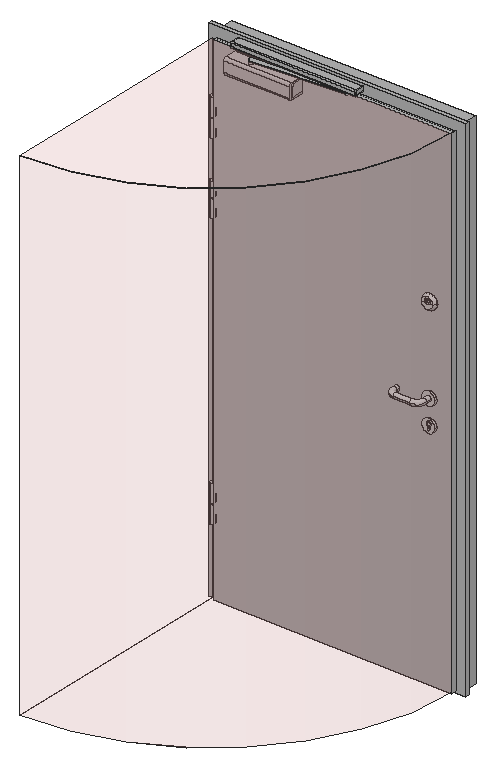
Revit family "ASSA ABLOY - DL1.3 DRAGON, single-leaf, angular frame", category Doors, host Wall, Revit 2021
Family settings
  Host = Wall
  OmniClass Number = 23.30.10.00
  OmniClass Title = Doors
  Always vertical = Yes
  Cut with Voids When Loaded = No
  Shared = No
  Room Calculation Point = No
Parameters (values of type "900 x 2000 (901 x 2000)")
  URL = "https://www.assaabloy.com/pl/pl"
  Type Comments = "Door leaf made of two pressed zinc-plated steel sheets 1,0mm thick. Reinforced with \"C\" profiles and filled with mineral wool. Door with 4-sided thick rebate with gasket."
  Symbol Radius = Door Leaf Width + 11.000 mm  # 979.500 mm
  Rough Width Conversion = 89.500 mm  # constant formula
  Rough Width Adjustment = 0.000 mm  # constant formula
  Rough Height Real = Height Round + Rough Height Conversion + Rough Height Adjustment  # 2070.000 mm
  Rough Height Conversion = 70.000 mm  # constant formula
  Rough Height Adjustment = 0.000 mm  # constant formula
  Rosette Height = Handle set Height - 100.000 mm  # 955.000 mm
  Opening Zone [instance] = yes
  Model = "Doorset_Steel Security Door, RC3, Rw(dB)= 46_ASSA ABLOY Opening Solutions_Hardware 3D"
  Lock Visibility = Height > 1400.000 mm  # yes
  Hinges Visibility = Height > 1000.000 mm  # yes
  Hinges Material = Default steel
  Handle set Height = if(Height < 1800.000 mm, Height / 2, 1055.000 mm)  # 1055.000 mm
  Handle Height = if(Height < 1300.000 mm, Height - 280.000 mm, 1055.000 mm)  # 1055.000 mm
  HW Item 9 = "1x MT22(Bizon): defender_LOB ASSA ABLOY"
  HW Item 8 = "1x TL0151BS: round rosette PZPZ, stainless steel_ASSA ABLOY"
  HW Item 11 = "1x Planet HS FH+RD: drop-down seal_Planet (option)"
  HW Item 10 = "1x 206253: Vercy door stopper, max 120 kg_ASSA ABLOY (option) "
  Frame Finish [instance] = ""
  Fire Rating = "NFR"  # constant formula
  Door Finish Push Side [instance] = ""
  Door Finish Pull Side [instance] = ""
  Width Round = roundup((Width / 5.000 mm)) * 5.000 mm  # 900.000 mm
  Thickness = 60.000 mm  # constant formula
  Smoke Rating = "S (optional)"
  Rough Width = Width Round + Rough Width Conversion + Rough Width Adjustment + 0.500 mm  # 990.000 mm
  Rough Height = Height Round + Rough Height Conversion + Rough Height Adjustment  # 2070.000 mm
  Readme = "The actual lintel height is consistent with the Rough Height parameter.\nThe final HW Set should be consistent with the function of the door and its  parameters.\nHardware mounted on door surface may affect the clear passage opening. For verification, please contact the specification department.\nFor the corner door frame installed in a steel structure and plasterboard walls, add 3 cm per each leaf to the width of the Rough Width opening. \r\nIn case of door width less than 500mm, door closer type should me confirmed with Provider."
  Provider = "ASSA ABLOY Opening Solutions"
  Product Group = "Single-Steel"
  Name = "Steel Security Door, RC3, Rw(dB)= 46"
  Min Door Width = 450.000 mm
  Min Door Height = 1450.000 mm
  Mechanical Strength = 4
  Max Door Width = 1270.000 mm
  Max Door Height = 2770.000 mm
  Manufacturer = "ASSA ABLOY"  # constant formula
  IfcExportType = "USERDEFINED"
  IfcExportAs = "IfcDoorType"
  Rough Width Real = Width Round + Rough Width Conversion + Rough Width Adjustment  # 989.500 mm
  Height Round = roundup((Height / 5.000 mm)) * 5.000 mm  # 2000.000 mm
  Hardware Set = "1.4PL"
  HW Item 7 = "1x TL4106SS: U-shape handle set on round rosette, class 4 (EN1906), stainless steel_ASSA ABLOY"
  HW Item 6 = "1x SK6 Radius: euro profile cylinder_IKON"
  HW Item 5 = "1x EL166: multipoint mechanical mortice lockcase with automatic dead locking system_ABLOY"
  HW Item 4 = "1x A152: mechanical hold open_ASSA ABLOY (option)"
  HW Item 3 = "1x A153: mechanical opening damper_ASSA ABLOY (option)"
  HW Item 2 = "1x G195: door closer guide rail_ASSA ABLOY"
  HW Item 1 = "1x DC700/ DC500: door closer, Cam-Motion®_ASSA ABLOY"
  Function = Interior
  Height = 2000.000 mm
  Wall Closure = By host
  Width = 900.000 mm
  Frame Type = "Welded steel corner frame made of zinc-plated steel sheet 3mm thick with EPDM gasket."
  Frame Material = Default steel
  Family name = "1.4_DOORSET_DL 1.3 DRAGON_SINGLE-LEAF_CORNER FRAME_ASSA ABLOY PL"
  Environmental Product Declaration (EPD) = "To be confirmed with Provider"  # constant formula
  Environmental Management System = "To be confirmed with Provider"  # constant formula
  Edition number = "1"
  Door Type = "DL1.3 DRAGON"
  Door Material = Default steel
  Door Leaf Width = Width Round + Rough Width Adjustment + 68.500 mm  # 968.500 mm
  Description = "DL1.3 DRAGON, door leaf made of two pressed zinc-plated steel sheets 1,0mm thick. Reinforced with \"C\" profiles and filled with mineral wool. Door with 4-sided thick rebate with gasket. Operating forces – class 3 according to EN 12217:2005. Mechanical strength – class 4 according to EN 1192:2001. Thermal transmittance Uw=1,3W/m²K according to EN ISO 10077-1:2007. Burglary resistance – class RC3 according to EN 1627:2012. Acoustic rating - Rw=46dB according to PN-EN ISO 717-1:2013-08. Hinges with ball bearings, main lock: multipoint class 4 according to EN 12209, three anti-burglary bolts. Welded steel corner frame made of zinc-plated steel sheet 3mm thick with EPDM gasket. 20mm fixed threshold. Optional: low threshold or drop-down seal."
  Defender Height = Handle set Height + 350.000 mm  # 1405.000 mm
  Date of publishing = ""
  Contact Provider = "https://www.assaabloy.com/pl/pl/solutions/topics/bim-specification/contact"
  Brand = "Donimet Bis Sp. z o. o."  # constant formula
  Author = "www.archispace.pl"
Types (3, lengths in mm): name | Symbol Radius | Rough Height Real | Rosette Height | Handle set Height | Width Round | Rough Width | Rough Height | Readme | Rough Width Real | Height Round | Height | Width | Door Leaf Width | Defender Height
  450 x 1450 (451 x 1450) | 529.500 | 1520.000 | 625.000 | 725.000 | 450.000 | 540.000 | 1520.000 | "The actual lintel height is consistent with the Rough Height parameter.\nThe final HW Set should be consistent with the function of the door and its  parameters.\nHardware mounted on door surface may affect the clear passage opening. For verification, please contact the specification department.\nFor the corner door frame installed in a steel structure and plasterboard walls, add 3 cm per each leaf to the width of the Rough Width opening." | 539.500 | 1450.000 | 1450.000 | 450.000 | 518.500 | 1075.000
  900 x 2000 (901 x 2000) | 979.500 | 2070.000 | 955.000 | 1055.000 | 900.000 | 990.000 | 2070.000 | "The actual lintel height is consistent with the Rough Height parameter.\nThe final HW Set should be consistent with the function of the door and its  parameters.\nHardware mounted on door surface may affect the clear passage opening. For verification, please contact the specification department.\nFor the corner door frame installed in a steel structure and plasterboard walls, add 3 cm per each leaf to the width of the Rough Width opening. \r\nIn case of door width less than 500mm, door closer type should me confirmed with Provider." | 989.500 | 2000.000 | 2000.000 | 900.000 | 968.500 | 1405.000
  1270 x 2770 (1271 x 2770) | 1349.500 | 2840.000 | 955.000 | 1055.000 | 1270.000 | 1360.000 | 2840.000 | "The actual lintel height is consistent with the Rough Height parameter.\nThe final HW Set should be consistent with the function of the door and its  parameters.\nHardware mounted on door surface may affect the clear passage opening. For verification, please contact the specification department.\nFor the corner door frame installed in a steel structure and plasterboard walls, add 3 cm per each leaf to the width of the Rough Width opening." | 1359.500 | 2770.000 | 2770.000 | 1270.000 | 1338.500 | 1405.000
Reference planes
  plane 1: y = 0
  plane 2 "Center (Left/Right)": x = 0
  plane 3: z = 2070
  plane 4 "Exterior": y = 120
  plane 5 "Interior": y = -120
  plane 6: x = -494.75
  plane 7: x = 494.75
  plane 8: z = 2000
  plane 9: y = -73
  plane 10: y = -136
  plane 11: z = 9.5
  plane 12: z = 26
  plane 13: z = 2115
  plane 14: y = -51
  plane 15: y = -73.8
  plane 16: y = -139
  plane 17: x = -495
  plane 18: x = 495
  plane 19: y = -157
  plane 20: x = -480.5
  plane 21: x = -467.75
  plane 22: x = 467.75
  plane 23: z = 2048.5
  plane 24: y = -97
  plane 25: y = -147
  plane 26: x = -445.25
  plane 27: x = 454.75
  plane 28: x = -495.25
  plane 29: z = 2032
  plane 30: x = 394.75
  plane 31: z = 1837
  plane 32: z = 1767
  plane 33: z = 1760.5
  plane 34: z = 1690.5
  plane 35: z = 1530
  plane 36: z = 1475
  plane 37: z = 1468.5
  plane 38: z = 1398.5
  plane 39: z = 429
  plane 40: z = 359
  plane 41: z = 352.5
  plane 42: z = 282.5
  plane 43: z = 2040.5
  plane 44: x = -395.25
  plane 45: z = 1055
Forms (mm)
  Sweep 1, solid, material "Default steel" <- "Frame Material"
    path origin (0, -120, 0) x (1, 0, 0) y (0, 0, 1)
      loop
        line (-494.75, 0) -> (-494.75, 2070) -> (494.75, 2070) -> (494.75, 0)
    profile origin (-494.75, -120, 1035) x (-1, 0, 0) y (0, -1, 0)
      loop
        line (28, 0) -> (28, 16) -> (-22, 16) -> (-22, -30) -> (-40, -30) -> (-40, -69) -> (0, -69) -> (0, 0) -> (28, 0)
  Sweep 2, solid, material "Default steel" <- "Frame Material"
    path origin (-5000, -120, 0) x (1, 0, 0) y (0, 0, 1)
      loop
        line (4527.25, 0) -> (5472.75, 0)
    profile origin (0, -120, 0) x (0, 0, 1) y (0, -1, 0)
      loop
        line (0, 16) -> (0, -69) -> (20, -69) -> (20, 16) -> (0, 16)
  Sweep 3, solid, material "Opening zone", visible <- "Opening Zone"
    path origin (-5400.703, 0, 0) x (-1, 0, 0) y (0, 0, 1)
      loop
        line (-5400.703, 9.5) -> (-5400.703, 2048.5)
    profile origin (0, 0, 1029) x (1, 0, 0) y (0, 1, 0)
      loop
        line (-495.25, -147) -> (-495.25, -1126.5)
        arc (-495.25, -1126.5) -> (197.361, -839.611) -> (484.25, -147) r 979.5
        line (484.25, -147) -> (-495.25, -147)
  Sweep 4, solid, material "Default steel" <- "Frame Material"
    path origin (0, -120, 0) x (1, 0, 0) y (0, 0, 1)
      loop
        line (-494.75, 2070) -> (494.75, 2070)
    profile origin (0, -120, 2070) x (0, 0, 1) y (0, -1, 0)
      loop
        line (-22, 16) -> (-32, 16) -> (-32, -30) -> (-22, -30) -> (-22, 16)
      loop
        line (-50, -69) -> (-40, -69) -> (-40, -30) -> (-50, -30) -> (-50, -69)
  Sweep 5, solid, material "Default steel" <- "Door Material"
    path origin (0, 120, 0) x (1, 0, 0) y (0, 0, 1)
      loop
        line (0, 26) -> (0, 2032)
    profile origin (0, 120, 1029) x (-1, 0, 0) y (0, -1, 0)
      loop
        line (467.75, 259) -> (-467.75, 259) -> (-467.75, 217) -> (467.75, 217) -> (467.75, 259)
  Sweep 6, solid, material "Default steel" <- "Door Material"
    path origin (0, 115, 0) x (1, 0, 0) y (0, 0, 1)
      loop
        line (0, 9.5) -> (0, 2048.5)
    profile origin (0, 115, 1029) x (-1, 0, 0) y (0, -1, 0)
      loop
        line (484.25, 272) -> (-484.25, 272) -> (-484.25, 254) -> (484.25, 254) -> (484.25, 272)
  Sweep 7, void
    path origin (0, -120, 0) x (1, 0, 0) y (0, 0, 1)
      loop
        line (-522.75, 2070) -> (522.75, 2070)
    profile origin (0, -120, 2070) x (0, 0, 1) y (0, -1, 0)
      loop
        line (18, 0) -> (28, 0) -> (28, 16) -> (18, 16) -> (18, 0)
  Sweep 8, solid, material "Default steel" <- "Hinges Material", detail levels fine
    path origin (-282.5, -147, 1200) x (1, 0, 0) y (0, 0, 1)
      loop
        line (-212.75, 637) -> (-212.75, 567)
    profile origin (-495.25, -147, 1802) x (0, -1, 0) y (1, 0, 0)
      loop
        circle (0, 0) r 11
  Sweep 9, solid, material "Default steel" <- "Hinges Material", detail levels fine
    path origin (-282.5, -147, 1200) x (1, 0, 0) y (0, 0, 1)
      loop
        line (-212.75, 560.5) -> (-212.75, 490.5)
    profile origin (-495.25, -147, 1725.5) x (0, -1, 0) y (1, 0, 0)
      loop
        circle (0, 0) r 11
  Sweep 10, solid, material "Default steel" <- "Hinges Material", detail levels fine
    path origin (-282.5, -147, 1200) x (1, 0, 0) y (0, 0, 1)
      loop
        line (-212.75, 567) -> (-212.75, 560.5)
    profile origin (-495.25, -147, 1763.75) x (0, -1, 0) y (1, 0, 0)
      loop
        circle (0, 0) r 10.5
  Sweep 11, solid, material "Default steel" <- "Hinges Material", visible <- "Hinges Visibility", detail levels fine
    path origin (-282.5, -147, 1200) x (1, 0, 0) y (0, 0, 1)
      loop
        line (-212.75, 330) -> (-212.75, 275)
    profile origin (-495.25, -147, 1502.5) x (0, -1, 0) y (1, 0, 0)
      loop
        circle (0, 0) r 11
  Sweep 12, solid, material "Default steel" <- "Hinges Material", visible <- "Hinges Visibility", detail levels fine
    path origin (-282.5, -147, 1200) x (1, 0, 0) y (0, 0, 1)
      loop
        line (-212.75, 268.5) -> (-212.75, 198.5)
    profile origin (-495.25, -147, 1433.5) x (0, -1, 0) y (1, 0, 0)
      loop
        circle (0, 0) r 11
  Sweep 13, solid, material "Default steel" <- "Hinges Material", visible <- "Hinges Visibility", detail levels fine
    path origin (-282.5, -147, 1200) x (1, 0, 0) y (0, 0, 1)
      loop
        line (-212.75, 275) -> (-212.75, 268.5)
    profile origin (-495.25, -147, 1471.75) x (0, -1, 0) y (1, 0, 0)
      loop
        circle (0, 0) r 10.5
  Sweep 14, solid, material "Default steel" <- "Hinges Material", detail levels fine
    path origin (-282.5, -147, 1200) x (1, 0, 0) y (0, 0, 1)
      loop
        line (-212.75, -771) -> (-212.75, -841)
    profile origin (-495.25, -147, 394) x (0, -1, 0) y (1, 0, 0)
      loop
        circle (0, 0) r 11
  Sweep 15, solid, material "Default steel" <- "Hinges Material", detail levels fine
    path origin (-282.5, -147, 1200) x (1, 0, 0) y (0, 0, 1)
      loop
        line (-212.75, -847.5) -> (-212.75, -917.5)
    profile origin (-495.25, -147, 317.5) x (0, -1, 0) y (1, 0, 0)
      loop
        circle (0, 0) r 11
  Sweep 16, solid, material "Default steel" <- "Hinges Material", detail levels fine
    path origin (-282.5, -147, 1200) x (1, 0, 0) y (0, 0, 1)
      loop
        line (-212.75, -841) -> (-212.75, -847.5)
    profile origin (-495.25, -147, 355.75) x (0, -1, 0) y (1, 0, 0)
      loop
        circle (0, 0) r 10.5
Cuts and joins
  Sweep 7 cuts Sweep 1
  joined: Sweep 1, Sweep 2, Sweep 4
Lines and regions (mm)
  Opening 1
    outline origin (-3050, -120, 0) x (1, 0, 0) y (0, 0, 1)
      loop
        line (2555, 0) -> (3545, 0) -> (3545, 2070) -> (2555, 2070) -> (2555, 0)
  Masking region 1, detail levels fine
    outline origin (-1132.682, -300, 2037) x (-1, 0, 0) y (0, -1, 0)
      loop
        line (-637.932, -249) -> (-637.932, -180) -> (-609.932, -180) -> (-609.932, -164) -> (-659.932, -164) -> (-659.932, -210) -> (-677.932, -210) -> (-677.932, -249) -> (-637.932, -249)
      loop
        line (-1655.432, -164) -> (-1655.432, -180) -> (-1627.432, -180) -> (-1627.432, -249) -> (-1587.432, -249) -> (-1587.432, -210) -> (-1605.432, -210) -> (-1605.432, -164) -> (-1655.432, -164)
  Masking region 2, detail levels medium
    outline origin (-1132.682, -300, 2037) x (-1, 0, 0) y (0, -1, 0)
      loop
        line (-637.932, -249) -> (-637.932, -180) -> (-609.932, -180) -> (-609.932, -164) -> (-677.932, -164) -> (-677.932, -249) -> (-637.932, -249)
      loop
        line (-1627.432, -249) -> (-1587.432, -249) -> (-1587.432, -164) -> (-1655.432, -164) -> (-1655.432, -180) -> (-1627.432, -180) -> (-1627.432, -249)
  Masking region 3, detail levels fine
    outline origin (-1132.682, -300, 2037) x (-1, 0, 0) y (0, -1, 0)
      loop
        circle (-637.432, -153) r 11
  symbolic lines, style "Elevation Swing"
    curve 1: line (454.75, -120, 1035) -> (-467.75, -120, 2032)
    curve 2: line (454.75, -120, 1035) -> (-467.75, -120, 9.5)
Text (mm)
  text "Exterior" at (-1376.75, 1099.543, 0), in view "Ref. Level"
  text "Exterior" at (0, 1615.38, 3698.081), in view "Left"
  text "Exterior" at (0, 1036.032, 3874.932), in view "Right"
Dimensions and locks
  "Rough Height": plane 3 to host wall
  equal spacing: host wall, curve 2, plane 3
  host wall to plane 3 = 2070.000 mm
  locked: plane 4 "Exterior" to host wall
  locked: plane 5 "Interior" to host wall
  equal spacing: plane 6, plane 2 "Center (Left/Right)", plane 7
  "Rough Width Real": plane 6 to plane 7
  "Height": plane 8 to level
  plane 11 to level = 9.500 mm
  locked: plane 12 to level at 26
  plane 9 to plane 5 "Interior" to plane 10 = 47.000 mm locked, 16.000 mm locked
  locked: plane 5 "Interior" to plane 14 at 69
  locked: plane 9 to plane 15 at 0.8
  locked: Masking region 1 sketch curve to plane 14 at 39
  locked: plane 7 to Masking region 2 sketch curve at 28
  equal spacing: plane 17, plane 2 "Center (Left/Right)", plane 18
  "Rough Width": plane 17 to plane 18
  locked: plane 5 "Interior" to plane 16 at 19
  locked: plane 10 to plane 19 at 21
  locked: plane 17 to plane 20 at 14.5
  locked: Masking region 2 sketch curve to plane 7 at 40
  nested 1 to Masking region 1 = 900.000 mm
  locked: Masking region 1 sketch curve to Masking region 1 sketch curve at 40  (x2)
  locked: Masking region 1 sketch curve to Masking region 1 sketch curve at 22
  locked: Masking region 1 sketch curve to Masking region 1 sketch curve at 16
  locked: Masking region 1 sketch curve to Masking region 1 sketch curve at 28
  Masking region 1 sketch curve to Masking region 1 sketch curve = 39.000 mm
  locked: Masking region 1 sketch curve to plane 7 at 22
  locked: plane 7 to Masking region 1 sketch curve at 28
  Masking region 1 sketch curve to Masking region 1 sketch curve = 16.000 mm
  locked: Sweep 2 sketch curve to plane 16 at 3
  locked: Sweep 2 sketch curve to Sweep 2 sketch curve at 85
  plane 12 to level = 26.000 mm
  locked: plane 11 to level at 9.5
  locked: plane 23 to plane 3 at 21.5
  plane 14 to plane 19 = 106.000 mm
  locked: Masking region 2 sketch curve to Masking region 2 sketch curve at 40
  locked: Masking region 2 sketch curve to Masking region 2 sketch curve at 28
  locked: plane 25 to plane 10 at 11
  locked: plane 6 to plane 21 at 27
  locked: plane 6 to plane 26 at 49.5
  locked: plane 22 to plane 7 at 27
  locked: plane 27 to plane 7 at 40
  locked: plane 5 "Interior" to plane 24 at 23
  locked: plane 28 to plane 6 at 0.5
  locked: Sweep 6 sketch curve to plane 21 at 16.5
  locked: plane 22 to Sweep 6 sketch curve at 16.5
  locked: plane 29 to plane 3 at 38
  locked: plane 30 to plane 7 at 100
  locked: plane 31 to plane 32 at 70
  locked: plane 33 to plane 34 at 70
  locked: plane 32 to plane 33 at 6.5
  locked: plane 37 to plane 38 at 70
  locked: plane 36 to plane 37 at 6.5
  locked: plane 35 to plane 36 at 55
  locked: plane 34 to plane 35 at 160.5
  locked: plane 41 to plane 42 at 70
  locked: plane 40 to plane 41 at 6.5
  locked: plane 39 to plane 40 at 70
  locked: plane 42 to level at 282.5
  locked: plane 23 to plane 31 at 211.5
  locked: plane 23 to plane 43 at 8
  locked: plane 44 to plane 28 at 100
  "Handle Height": plane 45 to level
  locked: plane 45 to nested 4 at 100
  locked: plane 45 to nested 5 at 350
  "Symbol Radius": radius of Sweep 3 sketch curve
  aligned and locked: Opening 1 sketch curve to level
  aligned and locked: plane 1 to host wall
  aligned and locked: level to Sweep 1 sketch curve  (x2)
  aligned and locked: Sweep 1 sketch curve to plane 6
  aligned and locked: plane 7 to Sweep 1 sketch curve
  aligned and locked: Sweep 2 sketch curve to level
  aligned and locked: plane 5 "Interior" to Masking region 1 sketch curve
  aligned and locked: Masking region 1 sketch curve to plane 5 "Interior"
  aligned and locked: plane 10 to Masking region 2 sketch curve
  aligned and locked: plane 14 to Masking region 2 sketch curve
  aligned and locked: plane 5 "Interior" to Masking region 2 sketch curve
  aligned and locked: Masking region 2 sketch curve to plane 7
  aligned and locked: Masking region 2 sketch curve to plane 5 "Interior"
  aligned and locked: Masking region 2 sketch curve to plane 14
  aligned and locked: Masking region 2 sketch curve to plane 10
  aligned and locked: plane 17 to Opening 1 sketch curve
  aligned and locked: plane 18 to Opening 1 sketch curve
  aligned and locked: Sweep 1 sketch curve to plane 14
  aligned and locked: Sweep 1 sketch curve to Masking region 1  (x2)
  aligned and locked: Masking region 1 to Sweep 1 sketch curve  (x2)
  aligned and locked: Masking region 1 sketch curve to Masking region 1 sketch curve
  aligned and locked: Sweep 2 sketch curve to cut or joined group of Sweep 1, Sweep 2, Sweep 4, Sweep 7
  aligned and locked: cut or joined group of Sweep 1, Sweep 2, Sweep 4, Sweep 7 to Sweep 2 sketch curve
  aligned and locked: Sweep 1 sketch curve to plane 3
  aligned and locked: plane 3 to Sweep 4 sketch curve
  aligned and locked: plane 2 "Center (Left/Right)" to Sweep 5 sketch curve
  aligned and locked: plane 12 to Sweep 5 sketch curve
  aligned and locked: Masking region 2 sketch curve to plane 6
  aligned and locked: Masking region 1 sketch curve to plane 6
  aligned and locked: Masking region 1 sketch curve to plane 7
  aligned and locked: profile plane to Sweep 1 sketch curve
  aligned and locked: Sweep 3 sketch curve to plane 25
  aligned and locked: plane 21 to Sweep 5 sketch curve
  aligned and locked: Sweep 5 sketch curve to plane 22
  aligned and locked: Sweep 5 sketch curve to plane 24
  aligned and locked: plane 16 to Sweep 5 sketch curve
  aligned and locked: plane 28 to Masking region 3 sketch curve
  aligned and locked: Masking region 3 sketch curve to plane 25
  aligned and locked: plane 19 to Sweep 6 sketch curve
  aligned and locked: plane 11 to Sweep 6 sketch curve
  aligned and locked: plane 23 to Sweep 6 sketch curve
  aligned and locked: plane 29 to Sweep 5 sketch curve
  aligned and locked: plane 3 to Sweep 7 sketch curve
  aligned and locked: cut or joined group of Sweep 1, Sweep 2, Sweep 4, Sweep 7 to Sweep 7 sketch curve  (x2)
  aligned and locked: plane 2 "Center (Left/Right)" to Sweep 3 sketch curve
  aligned and locked: plane 23 to Sweep 3 sketch curve
  aligned and locked: plane 11 to Sweep 3 sketch curve
  aligned and locked: nested 1 to plane 2 "Center (Left/Right)"
  aligned and locked: plane 5 "Interior" to nested 1
  aligned and locked: plane 28 to Sweep 3 sketch curve
  aligned and locked: Sweep 3 sketch curve to plane 28
  aligned and locked: plane 21 to curve 1
  aligned and locked: plane 29 to curve 1
  aligned and locked: plane 27 to curve 2
  aligned and locked: plane 21 to curve 2
  aligned and locked: plane 11 to curve 2
  aligned and locked: nested 2 to plane 30
  aligned and locked: nested 2 to plane 19
  aligned and locked: plane 31 to Sweep 8 sketch curve
  aligned and locked: plane 32 to Sweep 8 sketch curve
  aligned and locked: plane 33 to Sweep 9 sketch curve
  aligned and locked: plane 34 to Sweep 9 sketch curve
  aligned and locked: plane 32 to Sweep 10 sketch curve
  aligned and locked: plane 33 to Sweep 10 sketch curve
  aligned and locked: plane 37 to Sweep 12 sketch curve
  aligned and locked: plane 38 to Sweep 12 sketch curve
  aligned and locked: plane 36 to Sweep 13 sketch curve
  aligned and locked: plane 37 to Sweep 13 sketch curve
  aligned and locked: plane 36 to Sweep 11 sketch curve
  aligned and locked: plane 35 to Sweep 11 sketch curve
  aligned and locked: plane 39 to Sweep 14 sketch curve
  aligned and locked: plane 40 to Sweep 14 sketch curve
  aligned and locked: plane 40 to Sweep 16 sketch curve
  aligned and locked: plane 41 to Sweep 16 sketch curve
  aligned and locked: plane 41 to Sweep 15 sketch curve
  aligned and locked: plane 42 to Sweep 15 sketch curve
  aligned and locked: nested 3 to plane 43
  aligned and locked: plane 44 to nested 3
  aligned and locked: nested 3 to plane 19
  aligned and locked: nested 4 to plane 30
  aligned and locked: nested 4 to plane 19
  aligned and locked: nested 2 to plane 45
  aligned and locked: nested 5 to plane 19
  aligned and locked: nested 5 to plane 30
Automatic sketch dimensions
  Opening 1 sketch curve to plane 3 = 0.000 mm
  plane 5 "Interior" to Sweep 1 sketch curve = 0.000 mm
  plane 5 "Interior" to Sweep 1 sketch curve = 16.000 mm
  profile plane to Sweep 2 sketch curve = 0.000 mm
  Sweep 2 sketch curve to Sweep 2 sketch curve = 20.000 mm
  plane 14 to Masking region 1 sketch curve = 0.000 mm
  plane 6 to Sweep 4 sketch curve = 0.000 mm
  plane 7 to Sweep 4 sketch curve = 0.000 mm
  Sweep 6 sketch curve to Sweep 6 sketch curve = 18.000 mm
  Sweep 6 sketch curve to plane 2 "Center (Left/Right)" = 0.000 mm
  Sweep 7 sketch curve to profile plane = 18.000 mm
  Sweep 7 sketch curve to Sweep 7 sketch curve = 10.000 mm
  plane 5 "Interior" to Sweep 7 sketch curve = 0.000 mm
  Sweep 7 sketch curve to Sweep 7 sketch curve = 16.000 mm
  profile plane to Sweep 4 sketch curve = 50.000 mm
  Sweep 4 sketch curve to Sweep 4 sketch curve = 10.000 mm  (x2)
  plane 5 "Interior" to Sweep 4 sketch curve = 16.000 mm
  profile plane to Sweep 4 sketch curve = 32.000 mm
  Sweep 4 sketch curve to plane 5 "Interior" = 30.000 mm
  Sweep 4 sketch curve to Sweep 4 sketch curve = 0.000 mm
  Sweep 4 sketch curve to Sweep 4 sketch curve = 39.000 mm
  Sweep 8 sketch curve to profile plane = 0.000 mm  (x2)
  Sweep 9 sketch curve to profile plane = 0.000 mm  (x2)
  Sweep 10 sketch curve to profile plane = 0.000 mm  (x2)
  Sweep 11 sketch curve to profile plane = 0.000 mm  (x2)
  Sweep 12 sketch curve to profile plane = 0.000 mm  (x2)
  Sweep 13 sketch curve to profile plane = 0.000 mm  (x2)
  Sweep 14 sketch curve to profile plane = 0.000 mm  (x2)
  Sweep 15 sketch curve to profile plane = 0.000 mm  (x2)
  Sweep 16 sketch curve to profile plane = 0.000 mm  (x2)
  Sweep 8 sketch curve to plane 28 = 0.000 mm
  Sweep 10 sketch curve to plane 28 = 0.000 mm
  Sweep 9 sketch curve to plane 28 = 0.000 mm
  Sweep 11 sketch curve to plane 28 = 0.000 mm
  Sweep 13 sketch curve to plane 28 = 0.000 mm
  Sweep 12 sketch curve to plane 28 = 0.000 mm
  Sweep 14 sketch curve to plane 28 = 0.000 mm
  Sweep 16 sketch curve to plane 28 = 0.000 mm
  Sweep 15 sketch curve to plane 28 = 0.000 mm
  radius of Masking region 3 sketch curve = 11.000 mm
  radius of Sweep 8 sketch curve = 11.000 mm
  radius of Sweep 9 sketch curve = 11.000 mm
  radius of Sweep 10 sketch curve = 10.500 mm
  radius of Sweep 11 sketch curve = 11.000 mm
  radius of Sweep 12 sketch curve = 11.000 mm
  radius of Sweep 13 sketch curve = 10.500 mm
  radius of Sweep 14 sketch curve = 11.000 mm
  radius of Sweep 15 sketch curve = 11.000 mm
  radius of Sweep 16 sketch curve = 10.500 mm
Nested families
  nested 1: "Detail_Door symbol" at (0, -120, 2037), type "Detail_Door symbol"
  nested 2: "TL4106SS U-shape handle set on round rosette, class 4 (EN1906), stainless steel_ASSA ABLOY" at (394.75, -157, 1055), built-in parameter 1001364 <- "Handle set Height", type "TL4106SS U-shape handle set on round rosette, class 4 (EN1906), stainless steel_ASSA ABLOY", detail levels fine
    with Thickness 60.000 mm
  nested 3: "DC700 DC500 Door closer, Cam-Motion_ASSA ABLOY" at (-261.25, -157, 2008.5), type "DC700 DC500 Door closer, Cam-Motion_ASSA ABLOY", detail levels fine
    with Thickness 79.000 mm, Door Closer Gap Thickness 21.000 mm
  nested 4: "TL0151BS round rosette PZPZ, stainless steel_ASSA ABLOY" at (394.75, -157, 955), built-in parameter 1001364 <- "Rosette Height", type "TL0151BS round rosette PZPZ, stainless steel_ASSA ABLOY", detail levels fine
  nested 5: "MT22 Bizon defender_ASSA ABLOY" at (394.75, -157, 1405), built-in parameter 1001364 <- "Defender Height", visible <- "Lock Visibility", type "MT22 Bizon defender_ASSA ABLOY", detail levels fine
    with Thickness 60.000 mm
Definition of nested family "TL4106SS U-shape handle set on round rosette, class 4 (EN1906), stainless steel_ASSA ABLOY"
  Parameters (values of type "TL4106SS U-shape handle set on round rosette, class 4 (EN1906), stainless steel_ASSA ABLOY")
    Thickness = 61.000 mm
    Default Elevation = 0.000 mm
  Reference planes
    plane 1 "Center (Front/Back)": y = 0
    plane 2: z = 0
    plane 3 "Center (Left/Right)": x = 0
    plane 4: z = 0
    plane 5: y = 61
    plane 6: y = -8
    plane 7: y = 69
    plane 8: x = -121
    plane 9: y = -57.5
    plane 10: y = 118.5
    plane 11: y = -17
    plane 12: y = 78
  Forms (mm)
    Sweep 1, solid
      path origin (0, 0, 0) x (1, 0, 0) y (0, 1, 0)
        loop
          line (0, 0) -> (0, -8)
      profile origin (0, -4, 0) x (1, 0, 0) y (0, 0, 1)
        loop
          circle (0, 0) r 26.5
    Sweep 2, solid
      path origin (0, 70, 0) x (1, 0, 0) y (0, 1, 0)
        loop
          line (0, -9) -> (0, -1)
      profile origin (0, 65, 0) x (-1, 0, 0) y (0, 0, 1)
        loop
          circle (0, 0) r 26.5
    Sweep 3, solid
      path origin (0, 0, 0) x (1, 0, 0) y (0, 1, 0)
        loop
          line (0, -8) -> (0, -30.5)
          arc (0, -30.5) -> (-7.908, -49.592) -> (-27, -57.5) r 27
          line (-27, -57.5) -> (-94, -57.5)
          arc (-94, -57.5) -> (-113.092, -49.592) -> (-121, -30.5) r 27
          line (-121, -30.5) -> (-121, -17)
      profile origin (0, -19.25, 0) x (1, 0, 0) y (0, 0, 1)
        loop
          circle (0, 0) r 10
    Sweep 4, solid
      path origin (0, 86.5, 0) x (1, 0, 0) y (0, 1, 0)
        loop
          line (0, -17.5) -> (0, 5)
          arc (0, 5) -> (-7.908, 24.092) -> (-27, 32) r 27
          line (-27, 32) -> (-94, 32)
          arc (-94, 32) -> (-113.092, 24.092) -> (-121, 5) r 27
          line (-121, 5) -> (-121, -8.5)
      profile origin (0, 80.25, 0) x (-1, 0, 0) y (0, 0, 1)
        loop
          circle (0, 0) r 10
  Cuts and joins
    joined: Sweep 1, Sweep 3
  Dimensions and locks
    locked: plane 7 to plane 5 at 8
    locked: plane 6 to plane 1 "Center (Front/Back)" at 8
    locked: plane 9 to plane 1 "Center (Front/Back)" at 57.5
    plane 10 to plane 5 = 57.500 mm
    locked: plane 8 to plane 3 "Center (Left/Right)" at 121
    "Thickness": plane 1 "Center (Front/Back)" to plane 5
    locked: plane 11 to plane 9 at 40.5
    locked: plane 10 to plane 12 at 40.5
    aligned and locked: level to plane 2
    aligned and locked: plane 6 to Sweep 3 sketch curve
    aligned and locked: Sweep 3 sketch curve to plane 3 "Center (Left/Right)"
    aligned and locked: plane 9 to Sweep 3 sketch curve
    aligned and locked: plane 8 to Sweep 3 sketch curve
    aligned and locked: plane 11 to Sweep 3 sketch curve
    aligned and locked: Sweep 4 sketch curve to plane 8
    aligned and locked: plane 10 to Sweep 4 sketch curve
    aligned and locked: plane 3 "Center (Left/Right)" to Sweep 4 sketch curve
    aligned and locked: plane 7 to Sweep 4 sketch curve
    aligned and locked: plane 12 to Sweep 4 sketch curve
  Automatic sketch dimensions
    Sweep 1 sketch curve to plane 3 "Center (Left/Right)" = 0.000 mm
    Sweep 1 sketch curve to plane 6 = 0.000 mm
    plane 1 "Center (Front/Back)" to Sweep 1 sketch curve = 0.000 mm
    Sweep 1 sketch curve to level = 0.000 mm
    profile plane to Sweep 1 sketch curve = 0.000 mm
    Sweep 2 sketch curve to plane 3 "Center (Left/Right)" = 0.000 mm
    Sweep 2 sketch curve to plane 5 = 0.000 mm
    Sweep 2 sketch curve to plane 7 = 0.000 mm
    Sweep 2 sketch curve to level = 0.000 mm
    Sweep 2 sketch curve to profile plane = 0.000 mm
    plane 8 to Sweep 3 sketch curve = 27.000 mm
    Sweep 3 sketch curve to plane 11 = 13.500 mm
    Sweep 3 sketch curve to level = 0.000 mm
    profile plane to Sweep 3 sketch curve = 0.000 mm
    plane 8 to Sweep 4 sketch curve = 27.000 mm
    Sweep 4 sketch curve to plane 10 = 27.000 mm
    Sweep 4 sketch curve to level = 0.000 mm
    Sweep 4 sketch curve to profile plane = 0.000 mm
    radius of Sweep 1 sketch curve = 26.500 mm
    radius of Sweep 2 sketch curve = 26.500 mm
    radius of Sweep 3 sketch curve = 10.000 mm
    radius of Sweep 4 sketch curve = 10.000 mm
Definition of nested family "DC700 DC500 Door closer, Cam-Motion_ASSA ABLOY"
  Parameters (values of type "DC700 DC500 Door closer, Cam-Motion_ASSA ABLOY")
    Thickness = 16.800 mm
    Door Closer Gap Thickness = 50.000 mm
    Default Elevation = 0.000 mm
  Reference planes
    plane 1 "Center (Front/Back)": y = 0
    plane 2: z = 0
    plane 3 "Center (Left/Right)": x = 0
    plane 4: z = 0
    plane 5: x = -134
    plane 6: x = 134
    plane 7: x = -136
    plane 8: x = 136
    plane 9: x = -138
    plane 10: x = 366
    plane 11: z = 48.2
    plane 12: z = 71.2
    plane 13: z = 32
    plane 14: x = -138.8
    plane 15: x = 136.8
    plane 16: x = -46
    plane 17: z = 40.5
    plane 18: x = 321.5
    plane 19: z = 45.5
    plane 20: y = 23.2
    plane 21: y = 50
    plane 22: y = -30
  Forms (mm)
    Sweep 1, solid
      path origin (0, 0, 0) x (1, 0, 0) y (0, 1, 0)
        loop
          line (-134, 0) -> (134, 0)
      profile origin (0, 0, 0) x (0, 1, 0) y (0, 0, 1)
        loop
          line (0, 32) -> (-48, 32)
          arc (-48, 32) -> (-55.071, 29.071) -> (-58, 22) r 10
          line (-58, 22) -> (-58, -22)
          arc (-58, -22) -> (-55.071, -29.071) -> (-48, -32) r 10
          line (-48, -32) -> (0, -32) -> (0, 32)
    SweptBlend 2, solid
      path origin (0, 0, 0) x (1, 0, 0) y (0, 1, 0)
        loop
          line (-134, 0) -> (-136, 0)
      profile origin (-134, 0, 0) x (0, -1, 0) y (0, 0, 1)
        loop
          line (0, 30) -> (0, -30) -> (46.25, -30)
          arc (46.25, -30) -> (52.879, -27.254) -> (55.625, -20.625) r 9.375
          line (55.625, -20.625) -> (55.625, 20.625)
          arc (55.625, 20.625) -> (52.879, 27.254) -> (46.25, 30) r 9.375
          line (46.25, 30) -> (0, 30)
      end profile origin (-136, 0, 0) x (0, -1, 0) y (0, 0, 1)
        loop
          line (0, 23.25) -> (0, -23.25) -> (41.469, -23.25)
          arc (41.469, -23.25) -> (46.606, -21.122) -> (48.734, -15.984) r 7.266
          line (48.734, -15.984) -> (48.734, 15.984)
          arc (48.734, 15.984) -> (46.606, 21.122) -> (41.469, 23.25) r 7.266
          line (41.469, 23.25) -> (0, 23.25)
    SweptBlend 3, solid
      path origin (0, 0, 0) x (-1, 0, 0) y (0, -1, 0)
        loop
          line (-134, 0) -> (-136, 0)
      profile origin (134, 0, 0) x (0, 1, 0) y (0, 0, 1)
        loop
          line (0, 30) -> (-46.25, 30)
          arc (-46.25, 30) -> (-52.879, 27.254) -> (-55.625, 20.625) r 9.375
          line (-55.625, 20.625) -> (-55.625, -20.625)
          arc (-55.625, -20.625) -> (-52.879, -27.254) -> (-46.25, -30) r 9.375
          line (-46.25, -30) -> (0, -30) -> (0, 30)
      end profile origin (136, 0, 0) x (0, 1, 0) y (0, 0, 1)
        loop
          line (0, 23.25) -> (-41.469, 23.25)
          arc (-41.469, 23.25) -> (-46.606, 21.122) -> (-48.734, 15.984) r 7.266
          line (-48.734, 15.984) -> (-48.734, -15.984)
          arc (-48.734, -15.984) -> (-46.606, -21.122) -> (-41.469, -23.25) r 7.266
          line (-41.469, -23.25) -> (0, -23.25) -> (0, 23.25)
    Sweep 4, solid
      path origin (0, 0, 0) x (1, 0, 0) y (0, 0, 1)
        loop
          line (-46, 32) -> (-46, 40.5)
      profile origin (-46, 0, 36.25) x (-1, 0, 0) y (0, -1, 0)
        loop
          circle (0, 30) r 9
    Extrusion 5, solid
      sketch origin (0, -0.8, 0) x (1, 0, 0) y (0, 1, 0)
        loop
          circle (321.5, 24) r 9
      from 45.5 to 48.2
    Sweep 6, solid
      path origin (0, 0, 0) x (1, 0, 0) y (0, 1, 0)
        loop
          line (-138, 50) -> (366, 50)
      profile origin (114, 50, 0) x (0, 1, 0) y (0, 0, 1)
        loop
          line (0, 48.2) -> (0, 71.2) -> (-35, 71.2)
          arc (-35, 71.2) -> (-37.828, 70.028) -> (-39, 67.2) r 4
          line (-39, 67.2) -> (-39, 52.2)
          arc (-39, 52.2) -> (-37.828, 49.372) -> (-35, 48.2) r 4
          line (-35, 48.2) -> (0, 48.2)
    SweptBlend 7, solid
      path origin (0, 0, 0) x (1, 0, 0) y (0, 1, 0)
        loop
          line (-138.8, 50) -> (-138, 50)
      profile origin (-138.8, 50, 0) x (0, 1, 0) y (0, 0, 1)
        loop
          line (0, 51.5) -> (0, 67.9) -> (-31.7, 67.9)
          arc (-31.7, 67.9) -> (-32.195, 67.695) -> (-32.4, 67.2) r 0.7
          line (-32.4, 67.2) -> (-32.4, 52.2)
          arc (-32.4, 52.2) -> (-32.195, 51.705) -> (-31.7, 51.5) r 0.7
          line (-31.7, 51.5) -> (0, 51.5)
      end profile origin (-138, 50, 0) x (0, 1, 0) y (0, 0, 1)
        loop
          arc (-33.9, 70.1) -> (-36.728, 68.928) -> (-37.9, 66.1) r 4
          line (-37.9, 66.1) -> (-37.9, 53.3)
          arc (-37.9, 53.3) -> (-36.728, 50.472) -> (-33.9, 49.3) r 4
          line (-33.9, 49.3) -> (0, 49.3) -> (0, 70.1) -> (-33.9, 70.1)
    SweptBlend 8, solid
      path origin (0, 0, 0) x (-1, 0, 0) y (0, -1, 0)
        loop
          line (-366.8, -50) -> (-366, -50)
      profile origin (366.8, 50, 0) x (0, -1, 0) y (0, 0, 1)
        loop
          line (0, 51.5) -> (31.7, 51.5)
          arc (31.7, 51.5) -> (32.195, 51.705) -> (32.4, 52.2) r 0.7
          line (32.4, 52.2) -> (32.4, 67.2)
          arc (32.4, 67.2) -> (32.195, 67.695) -> (31.7, 67.9) r 0.7
          line (31.7, 67.9) -> (0, 67.9) -> (0, 51.5)
      end profile origin (366, 50, 0) x (0, -1, 0) y (0, 0, 1)
        loop
          line (33.9, 70.1) -> (0, 70.1) -> (0, 49.3) -> (33.9, 49.3)
          arc (33.9, 49.3) -> (36.728, 50.472) -> (37.9, 53.3) r 4
          line (37.9, 53.3) -> (37.9, 66.1)
          arc (37.9, 66.1) -> (36.728, 68.928) -> (33.9, 70.1) r 4
    Sweep 9, solid
      path origin (-57, -30, 1200) x (1, 0, 0) y (0, 0, 1)
        loop
          line (11, -1154.5) -> (11, -1159.5)
      profile origin (-46, -30, 43) x (0, -1, 0) y (1, 0, 0)
        loop
          arc (-8.907, -1.289) -> (1.289, -8.907) -> (8.907, 1.289) r 9
          line (8.907, 1.289) -> (-44.293, 368.789)
          arc (-44.293, 368.789) -> (-54.489, 376.407) -> (-62.107, 366.211) r 9
          line (-62.107, 366.211) -> (-8.907, -1.289)
  Cuts and joins
    joined: Sweep 1, SweptBlend 2, SweptBlend 3, Sweep 4, Extrusion 5
  Dimensions and locks
    locked: plane 5 to plane 3 "Center (Left/Right)" at 134
    locked: plane 3 "Center (Left/Right)" to plane 6 at 134
    locked: plane 7 to plane 5 at 2
    locked: plane 6 to plane 8 at 2
    locked: plane 7 to plane 9 at 2
    locked: plane 10 to plane 9 at 504
    locked: plane 13 to level at 32
    locked: plane 11 to plane 13 at 16.2
    locked: plane 12 to plane 11 at 23
    locked: plane 9 to plane 14 at 0.8
    locked: plane 15 to plane 8 at 0.8
    locked: plane 16 to plane 5 at 88
    locked: plane 17 to plane 13 at 8.5
    locked: plane 18 to plane 10 at 44.5
    locked: plane 19 to plane 17 at 5
    locked: plane 20 to plane 21 at 26.8
    "Door Closer Gap Thickness": plane 1 "Center (Front/Back)" to plane 21
    locked: SweptBlend 8 sketch curve to SweptBlend 8 sketch curve at 0.8
    locked: plane 22 to plane 1 "Center (Front/Back)" at 30
    Sweep 9 sketch curve to Sweep 9 sketch curve = 18.000 mm
    aligned and locked: level to plane 2
    aligned and locked: plane 5 to Sweep 1 sketch curve
    aligned and locked: plane 6 to Sweep 1 sketch curve
    aligned and locked: plane 7 to SweptBlend 2 sketch curve
    aligned and locked: plane 5 to SweptBlend 2 sketch curve
    aligned and locked: SweptBlend 2 sketch curve to plane 1 "Center (Front/Back)"
    aligned and locked: plane 8 to SweptBlend 3 sketch curve
    aligned and locked: plane 6 to SweptBlend 3 sketch curve
    aligned and locked: plane 1 "Center (Front/Back)" to SweptBlend 3 sketch curve
    aligned and locked: plane 17 to Sweep 4 sketch curve
    aligned and locked: plane 16 to Sweep 4 sketch curve  (x2)
    aligned and locked: plane 13 to Sweep 4 sketch curve
    aligned and locked: plane 11 to Extrusion 5
    aligned and locked: Extrusion 5 to plane 19
    aligned and locked: Sweep 6 sketch curve to plane 21
    aligned and locked: plane 9 to Sweep 6 sketch curve
    aligned and locked: plane 10 to Sweep 6 sketch curve
    aligned and locked: plane 21 to Sweep 6 sketch curve
    aligned and locked: plane 11 to Sweep 6 sketch curve
    aligned and locked: Sweep 6 sketch curve to plane 12
    aligned and locked: SweptBlend 7 sketch curve to plane 21
    aligned and locked: plane 9 to SweptBlend 7 sketch curve
    aligned and locked: plane 14 to SweptBlend 7 sketch curve
    aligned and locked: plane 21 to SweptBlend 7 sketch curve  (x2)
    aligned and locked: plane 10 to SweptBlend 8 sketch curve
    aligned and locked: Sweep 9 sketch curve to plane 16
    aligned and locked: plane 19 to Sweep 9 sketch curve
    aligned and locked: plane 17 to Sweep 9 sketch curve
    aligned and locked: plane 18 to Sweep 9 sketch curve
    aligned and locked: plane 20 to Sweep 9 sketch curve
    aligned and locked: plane 16 to Sweep 9 sketch curve
    aligned and locked: plane 22 to Sweep 9 sketch curve
    aligned and locked: plane 22 to Sweep 4 sketch curve
  Automatic sketch dimensions
    plane 1 "Center (Front/Back)" to Sweep 1 sketch curve = 0.000 mm
    Sweep 1 sketch curve to profile plane = 0.000 mm
    profile plane to Sweep 1 sketch curve = 48.000 mm
    Sweep 1 sketch curve to Sweep 1 sketch curve = 0.000 mm
    Sweep 1 sketch curve to Sweep 1 sketch curve = 10.000 mm
    Sweep 1 sketch curve to level = 32.000 mm
    level to Sweep 1 sketch curve = 22.000 mm
    SweptBlend 2 sketch curve to profile plane = 0.000 mm  (x2)
    SweptBlend 2 sketch curve to level = 30.000 mm
    SweptBlend 2 sketch curve to profile plane = 46.250 mm  (x2)
    SweptBlend 2 sketch curve to SweptBlend 2 sketch curve = 9.375 mm
    level to SweptBlend 2 sketch curve = 20.625 mm
    SweptBlend 2 sketch curve to level = 23.250 mm
    SweptBlend 2 sketch curve to profile plane = 41.469 mm
    level to SweptBlend 2 sketch curve = 23.250 mm
    SweptBlend 2 sketch curve to SweptBlend 2 sketch curve = 0.000 mm
    SweptBlend 2 sketch curve to SweptBlend 2 sketch curve = 7.266 mm
    SweptBlend 3 sketch curve to profile plane = 0.000 mm  (x2)
    profile plane to SweptBlend 3 sketch curve = 46.250 mm  (x2)
    SweptBlend 3 sketch curve to level = 30.000 mm
    SweptBlend 3 sketch curve to SweptBlend 3 sketch curve = 9.375 mm
    level to SweptBlend 3 sketch curve = 20.625 mm
    profile plane to SweptBlend 3 sketch curve = 41.469 mm
    SweptBlend 3 sketch curve to level = 23.250 mm
    SweptBlend 3 sketch curve to SweptBlend 3 sketch curve = 0.000 mm
    SweptBlend 3 sketch curve to SweptBlend 3 sketch curve = 7.266 mm
    level to SweptBlend 3 sketch curve = 15.984 mm
    Extrusion 5 sketch curve to plane 18 = 0.000 mm
    plane 20 to Extrusion 5 sketch curve = 0.000 mm
    profile plane to Sweep 6 sketch curve = 35.000 mm
    Sweep 6 sketch curve to Sweep 6 sketch curve = 0.000 mm
    Sweep 6 sketch curve to Sweep 6 sketch curve = 4.000 mm
    profile plane to SweptBlend 7 sketch curve = 33.900 mm
    SweptBlend 7 sketch curve to SweptBlend 7 sketch curve = 0.000 mm  (x2)
    SweptBlend 7 sketch curve to SweptBlend 7 sketch curve = 4.000 mm
    level to SweptBlend 7 sketch curve = 49.300 mm
    SweptBlend 7 sketch curve to SweptBlend 7 sketch curve = 12.800 mm
    profile plane to SweptBlend 7 sketch curve = 31.700 mm
    SweptBlend 7 sketch curve to SweptBlend 7 sketch curve = 0.700 mm
    level to SweptBlend 7 sketch curve = 51.500 mm
    SweptBlend 7 sketch curve to SweptBlend 7 sketch curve = 15.000 mm
    SweptBlend 8 sketch curve to plane 21 = 0.000 mm
    SweptBlend 8 sketch curve to profile plane = 0.000 mm  (x2)
    SweptBlend 8 sketch curve to SweptBlend 8 sketch curve = 33.900 mm
    SweptBlend 8 sketch curve to SweptBlend 8 sketch curve = 0.000 mm  (x2)
    SweptBlend 8 sketch curve to SweptBlend 8 sketch curve = 4.000 mm
    level to SweptBlend 8 sketch curve = 49.300 mm
    SweptBlend 8 sketch curve to SweptBlend 8 sketch curve = 12.800 mm
    SweptBlend 8 sketch curve to profile plane = 31.700 mm
    SweptBlend 8 sketch curve to SweptBlend 8 sketch curve = 0.700 mm
    level to SweptBlend 8 sketch curve = 51.500 mm
    SweptBlend 8 sketch curve to SweptBlend 8 sketch curve = 15.000 mm
    radius of Sweep 4 sketch curve = 9.000 mm
    radius of Extrusion 5 sketch curve = 9.000 mm
Definition of nested family "TL0151BS round rosette PZPZ, stainless steel_ASSA ABLOY"
  Parameters (values of type "TL0151BS round rosette PZPZ, stainless steel_ASSA ABLOY")
    Thickness = 60.000 mm
    Default Elevation = 0.000 mm
  Reference planes
    plane 1 "Center (Front/Back)": y = 0
    plane 2: z = 0
    plane 3 "Center (Left/Right)": x = 0
    plane 4: z = 0
    plane 5: y = 60
    plane 6: y = -6.5
    plane 7: y = 66.5
    plane 8: x = -133
  Forms (mm)
    Sweep 1, solid
      path origin (0, 0, 0) x (1, 0, 0) y (0, 1, 0)
        loop
          line (0, 0) -> (0, -6.5)
      profile origin (0, -3.25, 0) x (1, 0, 0) y (0, 0, 1)
        loop
          circle (0, 0) r 26.5
    Sweep 2, solid
      path origin (0, 70, 0) x (1, 0, 0) y (0, 1, 0)
        loop
          line (0, -10) -> (0, -3.5)
      profile origin (0, 63.25, 0) x (-1, 0, 0) y (0, 0, 1)
        loop
          circle (0, 0) r 26.5
    Sweep 3, void
      path origin (0, 0, 0) x (1, 0, 0) y (0, 1, 0)
        loop
          line (0, -6.5) -> (0, 66.5)
      profile origin (0, 30, 0) x (-1, 0, 0) y (0, 0, 1)
        loop
          arc (5.25, 1) -> (0, 16.75) -> (-5.25, 1) r 8.75
          line (-5.25, 1) -> (-5.25, -11.5)
          arc (-5.25, -11.5) -> (0, -16.75) -> (5.25, -11.5) r 5.25
          line (5.25, -11.5) -> (5.25, 1)
        loop
          arc (-4.75, -11.5) -> (0, -16.25) -> (4.75, -11.5) r 4.75
          line (4.75, -11.5) -> (4.75, 1.255)
          arc (4.75, 1.255) -> (0, 16.25) -> (-4.75, 1.255) r 8.25
          line (-4.75, 1.255) -> (-4.75, -11.5)
  Cuts and joins
    Sweep 3 cuts Sweep 1
    Sweep 3 cuts Sweep 2
  Dimensions and locks
    locked: plane 7 to plane 5 at 6.5
    locked: plane 6 to plane 1 "Center (Front/Back)" at 6.5
    "Thickness": plane 1 "Center (Front/Back)" to plane 5
    aligned and locked: level to plane 2
  Automatic sketch dimensions
    Sweep 1 sketch curve to plane 3 "Center (Left/Right)" = 0.000 mm
    Sweep 1 sketch curve to plane 6 = 0.000 mm
    plane 1 "Center (Front/Back)" to Sweep 1 sketch curve = 0.000 mm
    Sweep 2 sketch curve to plane 3 "Center (Left/Right)" = 0.000 mm
    Sweep 2 sketch curve to plane 5 = 0.000 mm
    Sweep 2 sketch curve to plane 7 = 0.000 mm
    Sweep 1 sketch curve to level = 0.000 mm
    profile plane to Sweep 1 sketch curve = 0.000 mm
    Sweep 2 sketch curve to level = 0.000 mm
    Sweep 2 sketch curve to profile plane = 0.000 mm
    Sweep 3 sketch curve to plane 3 "Center (Left/Right)" = 0.000 mm
    Sweep 3 sketch curve to plane 6 = 0.000 mm
    Sweep 3 sketch curve to plane 7 = 0.000 mm
    Sweep 3 sketch curve to Sweep 3 sketch curve = 0.000 mm  (x4)
    Sweep 3 sketch curve to profile plane = 0.000 mm  (x2)
    level to Sweep 3 sketch curve = 1.255 mm
    profile plane to Sweep 3 sketch curve = 4.750 mm
    Sweep 3 sketch curve to Sweep 3 sketch curve = 0.500 mm
    Sweep 3 sketch curve to Sweep 3 sketch curve = 0.255 mm
    Sweep 3 sketch curve to level = 11.500 mm
    level to Sweep 3 sketch curve = 8.000 mm
    radius of Sweep 1 sketch curve = 26.500 mm
    radius of Sweep 2 sketch curve = 26.500 mm
Definition of nested family "MT22 Bizon defender_ASSA ABLOY"
  Parameters (values of type "MT22 Bizon defender_ASSA ABLOY")
    Thickness = 60.700 mm
    Default Elevation = 0.000 mm
  Reference planes
    plane 1 "Center (Front/Back)": y = 0
    plane 2: z = 0
    plane 3 "Center (Left/Right)": x = 0
    plane 4: z = 0
    plane 5: y = 60.7
    plane 6: y = -13
    plane 7: x = -30
    plane 8: y = 65.7
  Forms (mm)
    Revolve 1, solid
      sketch origin (0, 6, 0) x (1, 0, 0) y (0, 1, 0)
        loop
          line (-30, -7) -> (-23.072, -19) -> (0, -19) -> (0, -6) -> (-30, -6) -> (-30, -7)
        axis (0, -6) -> (0, -19)
      angle from 0 to 360
    Sweep 2, void
      path origin (0, 0, 0) x (1, 0, 0) y (0, 1, 0)
        loop
          line (0, -8) -> (0, -13)
      profile origin (0, -10.5, 0) x (1, 0, 0) y (0, 0, 1)
        loop
          line (-2.05, 14.65) -> (-2.05, -1.65) -> (2.05, -1.65) -> (2.05, 14.65) -> (-2.05, 14.65)
        loop
          circle (0, 6.5) r 10.1
        loop
          circle (0, 6.5) r 9.714
    Revolve 3, solid
      sketch origin (0, 0, 0) x (1, 0, 0) y (0, 1, 0)
        loop
          line (0, 60.7) -> (0, 65.7) -> (-28.522, 65.7) -> (-32.5, 61.722) -> (-32.5, 60.7) -> (0, 60.7)
        axis (0, 65.7) -> (0, 60.7)
      angle from 0 to 360
    Sweep 4, void
      path origin (0, 0, 0) x (1, 0, 0) y (0, 1, 0)
        loop
          line (0, 60.7) -> (0, 65.7)
      profile origin (0, 63.2, 0) x (-1, 0, 0) y (0, 0, 1)
        loop
          arc (5.25, 1) -> (0, 16.75) -> (-5.25, 1) r 8.75
          line (-5.25, 1) -> (-5.25, -11.5)
          arc (-5.25, -11.5) -> (0, -16.75) -> (5.25, -11.5) r 5.25
          line (5.25, -11.5) -> (5.25, 1)
        loop
          arc (-4.75, -11.5) -> (0, -16.25) -> (4.75, -11.5) r 4.75
          line (4.75, -11.5) -> (4.75, 1.255)
          arc (4.75, 1.255) -> (0, 16.25) -> (-4.75, 1.255) r 8.25
          line (-4.75, 1.255) -> (-4.75, -11.5)
  Cuts and joins
    Sweep 2, Sweep 4 cuts Revolve 1
    Sweep 2, Sweep 4 cuts Revolve 3
  Dimensions and locks
    "Thickness": plane 1 "Center (Front/Back)" to plane 5
    locked: plane 7 to plane 3 "Center (Left/Right)" at 30
    locked: plane 8 to plane 5 at 5
    plane 6 to plane 1 "Center (Front/Back)" = 13.000 mm
    locked: Sweep 2 sketch curve to Sweep 2 sketch curve at 5
    aligned and locked: level to plane 2
    aligned and locked: Sweep 2 sketch curve to plane 3 "Center (Left/Right)"
    aligned and locked: plane 6 to Sweep 2 sketch curve
    aligned and locked: cut or joined group of Sweep 2, Revolve 3, Sweep 4 to plane 5
    aligned and locked: Revolve 3 sketch curve to plane 8
    aligned and locked: plane 5 to Revolve 3 sketch curve
    aligned and locked: plane 5 to Sweep 4 sketch curve
    aligned and locked: Revolve 1 sketch curve to plane 7
    aligned and locked: Revolve 1 sketch curve to plane 6
    aligned and locked: Revolve 1 sketch curve to plane 1 "Center (Front/Back)"
    aligned and locked: plane 8 to Sweep 4 sketch curve
  Automatic sketch dimensions
    Revolve 1 sketch curve to plane 3 "Center (Left/Right)" = 0.000 mm
    plane 5 to Revolve 1 sketch curve = 1946.000 mm
    Revolve 3 sketch curve to plane 3 "Center (Left/Right)" = 0.000 mm  (x2)
    Revolve 3 sketch curve to plane 6 = 1987.000 mm
    Sweep 4 sketch curve to plane 3 "Center (Left/Right)" = 0.000 mm
    Sweep 4 sketch curve to Sweep 4 sketch curve = 0.000 mm  (x4)
    Sweep 4 sketch curve to profile plane = 0.000 mm  (x2)
    profile plane to Sweep 4 sketch curve = 1.255 mm
    profile plane to Sweep 4 sketch curve = 4.750 mm
    Sweep 4 sketch curve to Sweep 4 sketch curve = 0.500 mm
    Sweep 4 sketch curve to Sweep 4 sketch curve = 0.255 mm
    Sweep 4 sketch curve to profile plane = 11.500 mm
    profile plane to Sweep 4 sketch curve = 8.000 mm
    plane 7 to Revolve 1 sketch curve = 6.928 mm
    plane 1 "Center (Front/Back)" to Revolve 1 sketch curve = 1.000 mm
    plane 3 "Center (Left/Right)" to Revolve 1 sketch curve = 0.000 mm
    Revolve 1 sketch curve to Revolve 1 sketch curve = 1971.500 mm
    plane 8 to Revolve 3 sketch curve = 1.200 mm
    plane 5 to Revolve 3 sketch curve = 1.022 mm
    Revolve 3 sketch curve to plane 7 = 2.500 mm
    plane 7 to Revolve 3 sketch curve = 1.478 mm
    profile plane to Sweep 2 sketch curve = 2.050 mm
    level to Sweep 2 sketch curve = 14.650 mm
    Sweep 2 sketch curve to profile plane = 2.050 mm
    Sweep 2 sketch curve to level = 1.650 mm
Definition of nested family "Detail_Door symbol"
  Parameters (values of type "Detail_Door symbol")
    Symbol Radius = 979.500 mm
    Rough Width = 989.500 mm
    Door Leaf Width = 968.500 mm
  Reference planes
    plane 1 "Center (Front/Back)": y = 0
    plane 2: z = 0
    plane 3 "Center (Left/Right)": x = 0
    plane 4: x = -494.75
    plane 5: x = 494.75
    plane 6: y = -27
    plane 7: x = -495.25
    plane 8: y = -38
    plane 9: y = -54.5
    plane 10: y = -989.5
    plane 11: y = -1006.5
    plane 12: x = -505.25
    plane 13: x = -487.25
    plane 14: x = -445.25
    plane 15: y = -917
  Lines and regions (mm)
    Filled region 1, type "Solid Fill - White", in view "Ref. Level", detail levels fine
      outline origin (27.5, 43.059, 0) x (1, 0, 0) y (0, 1, 0)
        loop
          line (-532.75, -81.059) -> (-532.75, -1049.559) -> (-514.75, -1049.559) -> (-514.75, -1032.559) -> (-472.75, -1032.559) -> (-472.75, -97.559) -> (-514.75, -97.559) -> (-514.75, -81.059) -> (-532.75, -81.059)
    Filled region 2, type "Solid Fill - White", in view "Ref. Level", detail levels medium
      outline origin (27.5, 43.059, 0) x (1, 0, 0) y (0, 1, 0)
        loop
          line (-532.75, -81.059) -> (-532.75, -1049.559) -> (-472.75, -1049.559) -> (-472.75, -81.059) -> (-532.75, -81.059)
    detail lines, in view "Ref. Level"
      curve 1: arc (-495.25, -1006.5, 0) -> (197.361, -719.611, 0) -> (484.25, -27, 0) r 979.5
    detail lines, in view "Ref. Level", detail levels coarse
      curve 2: line (-495.25, -1006.5, 0) -> (-495.25, -27, 0)
    detail lines, in view "Ref. Level", detail levels fine
      curve 3: line (-437.25, -927, 0) -> (-437.25, -943.5, 0)
      curve 4: line (-437.25, -890.5, 0) -> (-445.25, -890.5, 0)
      curve 5: line (-437.25, -943.5, 0) -> (-445.25, -943.5, 0)
      curve 6: line (-414.75, -907, 0) -> (-437.25, -907, 0)
      curve 7: arc (-414.75, -907, 0) -> (-402.729, -902.021, 0) -> (-397.75, -890, 0) r 17
      curve 8: line (-397.75, -890, 0) -> (-397.75, -823, 0)
      curve 9: arc (-397.75, -823, 0) -> (-402.729, -810.979, 0) -> (-414.75, -806, 0) r 17
      curve 10: line (-414.75, -806, 0) -> (-428.25, -806, 0)
      curve 11: line (-414.75, -786, 0) -> (-428.25, -786, 0)
      curve 12: arc (-377.75, -823, 0) -> (-388.587, -796.837, 0) -> (-414.75, -786, 0) r 37
      curve 13: line (-377.75, -890, 0) -> (-377.75, -823, 0)
      curve 14: arc (-414.75, -927, 0) -> (-388.587, -916.163, 0) -> (-377.75, -890, 0) r 37
      curve 15: line (-414.75, -927, 0) -> (-437.25, -927, 0)
      curve 16: line (-428.25, -806, 0) -> (-428.25, -786, 0)
      curve 17: line (-437.25, -907, 0) -> (-437.25, -890.5, 0)
      curve 18: line (-513.25, -927, 0) -> (-513.25, -943.5, 0)
      curve 19: line (-513.25, -890.5, 0) -> (-505.25, -890.5, 0)
      curve 20: line (-513.25, -943.5, 0) -> (-505.25, -943.5, 0)
      curve 21: line (-535.75, -907, 0) -> (-513.25, -907, 0)
      curve 22: arc (-535.75, -907, 0) -> (-547.771, -902.021, 0) -> (-552.75, -890, 0) r 17
      curve 23: line (-552.75, -890, 0) -> (-552.75, -823, 0)
      curve 24: arc (-552.75, -823, 0) -> (-547.771, -810.979, 0) -> (-535.75, -806, 0) r 17
      curve 25: line (-535.75, -806, 0) -> (-522.25, -806, 0)
      curve 26: line (-535.75, -786, 0) -> (-522.25, -786, 0)
      curve 27: arc (-572.75, -823, 0) -> (-561.913, -796.837, 0) -> (-535.75, -786, 0) r 37
      curve 28: line (-572.75, -890, 0) -> (-572.75, -823, 0)
      curve 29: arc (-535.75, -927, 0) -> (-561.913, -916.163, 0) -> (-572.75, -890, 0) r 37
      curve 30: line (-535.75, -927, 0) -> (-513.25, -927, 0)
      curve 31: line (-522.25, -806, 0) -> (-522.25, -786, 0)
      curve 32: line (-513.25, -907, 0) -> (-513.25, -890.5, 0)
  Dimensions and locks
    equal spacing: plane 4, plane 3 "Center (Left/Right)", plane 5
    "Rough Width": plane 4 to plane 5
    locked: plane 8 to plane 9 at 16.5
    locked: plane 11 to plane 10 at 17
    "Door Leaf Width": plane 11 to plane 8
    plane 8 to plane 6 to plane 1 "Center (Front/Back)" = 11.000 mm locked, 27.000 mm locked
    locked: plane 7 to plane 4 at 0.5
    locked: plane 12 to plane 4 at 10.5
    locked: plane 4 to plane 13 at 7.5
    locked: plane 4 to plane 14 at 49.5
    locked: plane 11 to plane 15 at 89.5
    "Symbol Radius": radius of curve 1
    aligned and locked: plane 7 to curve 1
    aligned and locked: plane 6 to curve 1
    aligned and locked: Filled region 1 sketch curve to plane 11
    aligned and locked: plane 10 to Filled region 1 sketch curve
    aligned and locked: Filled region 1 sketch curve to plane 8
    aligned and locked: plane 9 to Filled region 1 sketch curve
    aligned and locked: Filled region 2 sketch curve to plane 8
    aligned and locked: Filled region 2 sketch curve to plane 11
    aligned and locked: plane 12 to Filled region 1 sketch curve
    aligned and locked: Filled region 1 sketch curve to plane 13  (x2)
    aligned and locked: Filled region 1 sketch curve to plane 14
    aligned and locked: Filled region 2 sketch curve to plane 14
    aligned and locked: plane 12 to Filled region 2 sketch curve
  Automatic sketch dimensions
    curve 7 to curve 14 = 0.000 mm  (x2)
    curve 9 to curve 12 = 0.000 mm  (x2)
    curve 22 to curve 29 = 0.000 mm  (x2)
    curve 24 to curve 27 = 0.000 mm  (x2)
    curve 19 to plane 12 = 0.000 mm
    curve 20 to plane 12 = 0.000 mm
    curve 5 to plane 14 = 0.000 mm
    curve 4 to plane 14 = 0.000 mm
    curve 2 to plane 6 = 0.000 mm
    plane 12 to curve 18 = 8.000 mm
    curve 32 to curve 19 = 8.000 mm
    plane 12 to curve 25 = 17.000 mm
    curve 25 to curve 25 = 13.500 mm
    plane 15 to curve 21 = 10.000 mm
    curve 21 to curve 21 = 22.500 mm
    curve 23 to curve 24 = 17.000 mm
    curve 28 to curve 22 = 20.000 mm
    plane 14 to curve 15 = 8.000 mm
    curve 4 to curve 4 = 8.000 mm
    plane 14 to curve 16 = 17.000 mm
    curve 11 to curve 11 = 13.500 mm
    curve 15 to plane 15 = 10.000 mm
    curve 3 to curve 15 = 22.500 mm
    curve 7 to curve 8 = 17.000 mm
    curve 7 to curve 13 = 20.000 mm
    curve 20 to curve 18 = 16.500 mm
    curve 5 to curve 3 = 16.500 mm
    curve 6 to curve 4 = 16.500 mm
    curve 21 to curve 19 = 16.500 mm
    curve 23 to curve 23 = 67.000 mm
    curve 13 to curve 13 = 67.000 mm
